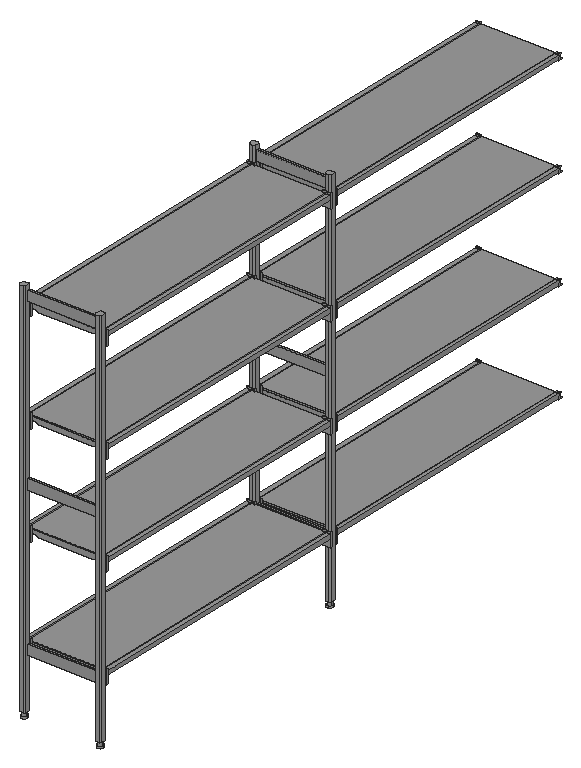
Revit family "QF_ZANUSSI_137067_ACS2548", category Attrezzature speciali, Revit 2020 (continued)
Definition of nested family "WT_Aggancio373"
  Lines and regions (mm)
    symbolic lines
      curve 7: line (-408, 23, 0) -> (-412, 23, 0)
      curve 8: line (-408, 3.978, 0) -> (-408, 23, 0)
  Dimensions and locks
    "Height": plane 5 "TOP" to level
    "Depth": plane 3 "BACK" to plane 4 "FRONT"
    "Dint": plane 7 to plane 8
    equal spacing: plane 7, plane 6 "Center (Front/Back)", plane 8
    equal spacing: plane 3 "BACK", plane 6 "Center (Front/Back)", plane 4 "FRONT"
    plane 9 "FEET" to level = 25.0 mm
    plane 5 "TOP" to plane 9 "FEET" = 1700.0 mm
    plane 10 to plane 9 "FEET" = 250.0 mm
    plane 11 to plane 10 = 450.0 mm
    plane 12 to plane 11 = 450.0 mm
    plane 13 to plane 12 = 450.0 mm
    locked: plane 3 "BACK" to plane 15 "CYBack" at 17.5
    locked: plane 16 "CYFront" to plane 4 "FRONT" at 17.5
    aligned and locked: level to plane 1
    aligned and locked: Extrusion 1 sketch curve to Extrusion 1 sketch curve  (x3)
  Automatic sketch dimensions
    plane 16 "CYFront" to Extrusion 1 sketch curve = 1.478 mm  (x4)
    Extrusion 1 sketch curve to Extrusion 1 sketch curve = 2.0 mm
    plane 8 to Extrusion 1 sketch curve = 3.478 mm  (x4)
    Extrusion 1 sketch curve to plane 10 = 4.006 mm
    Extrusion 1 sketch curve to Extrusion 1 sketch curve = 34.0 mm  (x4)
    Extrusion 1 sketch curve to plane 11 = 4.006 mm
    Extrusion 1 sketch curve to plane 12 = 4.006 mm
    Extrusion 1 sketch curve to plane 13 = 4.006 mm
    Extrusion 1 sketch curve to plane 7 = 37.522 mm  (x4)
    Extrusion 1 sketch curve to plane 7 = 3.522 mm  (x4)
    plane 14 to Extrusion 1 sketch curve = 3.516 mm  (x4)
    plane 14 to Extrusion 1 sketch curve = 1.522 mm  (x4)
    plane 10 to Extrusion 1 sketch curve = 7.998 mm  (x2)
    Extrusion 1 sketch curve to Extrusion 1 sketch curve = 11.498 mm  (x4)
    Extrusion 1 sketch curve to Extrusion 1 sketch curve = 6.499 mm  (x8)
    plane 11 to Extrusion 1 sketch curve = 7.998 mm  (x2)
    plane 12 to Extrusion 1 sketch curve = 7.998 mm  (x2)
    plane 13 to Extrusion 1 sketch curve = 7.998 mm  (x2)
    plane 2 "LEFT" to Extrusion 2 sketch curve = 0.0 mm  (x4)
    plane 13 to Extrusion 2 sketch curve = 7.996 mm
    plane 11 to Extrusion 2 sketch curve = 7.996 mm
    Extrusion 2 sketch curve to Extrusion 2 sketch curve = 5.0 mm  (x4)
    plane 11 to Extrusion 2 sketch curve = 2.494 mm
    plane 10 to Extrusion 2 sketch curve = 28.996 mm
    Extrusion 2 sketch curve to Extrusion 2 sketch curve = 3.0 mm  (x4)
    plane 10 to Extrusion 2 sketch curve = 7.996 mm
    plane 10 to Extrusion 2 sketch curve = 2.494 mm
    Extrusion 2 sketch curve to Extrusion 2 sketch curve = 18.0 mm  (x3)
    plane 12 to Extrusion 2 sketch curve = 2.494 mm
    plane 12 to Extrusion 2 sketch curve = 7.996 mm
    plane 13 to Extrusion 2 sketch curve = 2.494 mm
    plane 2 "LEFT" to Extrusion 3 sketch curve = 0.0 mm  (x4)
    plane 13 to Extrusion 3 sketch curve = 7.996 mm
    plane 11 to Extrusion 3 sketch curve = 7.996 mm
    Extrusion 3 sketch curve to Extrusion 3 sketch curve = 5.0 mm  (x4)
    plane 11 to Extrusion 3 sketch curve = 2.494 mm
    plane 10 to Extrusion 3 sketch curve = 28.996 mm
    Extrusion 3 sketch curve to Extrusion 3 sketch curve = 3.0 mm  (x4)
    plane 10 to Extrusion 3 sketch curve = 7.996 mm
    plane 10 to Extrusion 3 sketch curve = 2.494 mm
    Extrusion 3 sketch curve to Extrusion 3 sketch curve = 18.0 mm  (x3)
    plane 12 to Extrusion 3 sketch curve = 2.494 mm
    plane 12 to Extrusion 3 sketch curve = 7.996 mm
    plane 13 to Extrusion 3 sketch curve = 2.494 mm
    plane 2 "LEFT" to curve 1 = 5.0 mm
    plane 2 "LEFT" to curve 7 = 5.0 mm
    curve 1 to plane 16 "CYFront" = 17.5 mm
    curve 3 to plane 8 = 12.522 mm
    plane 7 to curve 5 = 12.478 mm
    curve 7 to plane 14 = 17.5 mm
    curve 5 to curve 5 = 4.0 mm
    curve 1 to curve 4 = 4.0 mm
    Extrusion 2 sketch curve to Extrusion 2 sketch curve = 4.0 mm  (x4)
    Extrusion 2 sketch curve to Extrusion 2 sketch curve = 8.969 mm  (x4)
    Extrusion 3 sketch curve to Extrusion 3 sketch curve = 4.0 mm  (x4)
    Extrusion 3 sketch curve to Extrusion 3 sketch curve = 8.969 mm  (x4)
